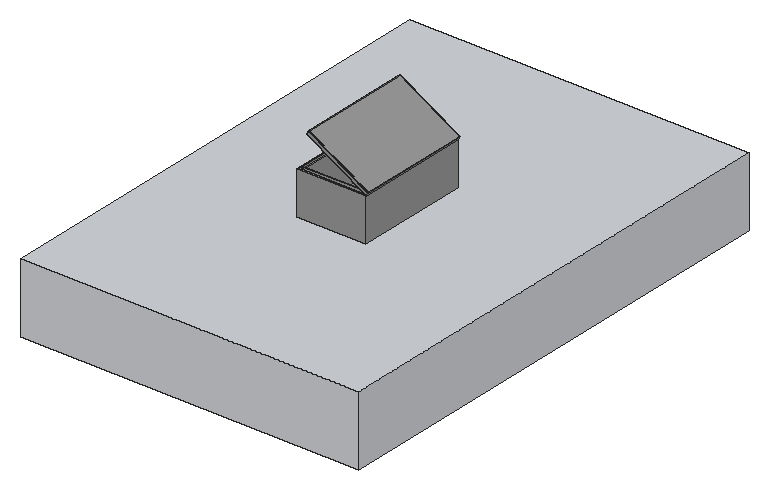
Revit family "Hager-Univers-IP44-D205-Cl.I-enclosure_metering-CH-fr", category Equipement électrique, Revit 2020
Family settings
  Hôte = Face
  Configuration du panneau = Deux colonnes, circuits au sein
  Cote de connecteur circulaire = Utiliser le diamètre
  Type d'élément = Tableau de raccordement
  Couper avec des vides une fois chargée = Non
  Partagée = Non
  Point de calcul de pièce = Non
Parameters (values of type "saillie IP44 L300 H500 P205  - ZB011T")
  Width Control [instance] = if([EF000008 - largeur] > Min Width, [EF000008 - largeur], Min Width)  # 300 mm
  Commentaires du type = [HG000003 - Gamme]  # "Univers"
  Thickness Door [instance] = if([EF009171 - épaisseur de matériau de la porte/du couvercle] > 3 mm, 3 mm, [EF009171 - épaisseur de matériau de la porte/du couvercle])  # 1 mm
  Seal Frame Offset [instance] = 17 mm  # constant formula
  Plinth Visibility [instance] = [HG000027 - Hauteur du socle] > 0 mm  # no
  Model = ""
  Min Width [instance] = 100 mm  # constant formula
  Min Height [instance] = 100 mm  # constant formula
  Min Depth [instance] = (2 * [EF009170 - épaisseur de matériau du boîtier]) + 1 mm  # 3 mm
  Internal Frame Depth [instance] = (Door System Depth * 0.5)  # 9 mm
  Height Control [instance] = if([EF000040 - hauteur] > Min Height, [EF000040 - hauteur], Min Height)  # 500 mm
  HG000027 - Hauteur du socle = 0 mm
  HG000026 - Installation au sol = no
  HG000024 - Hauteur de la section basse = 800 mm
  HG000023 - Armoire double section = no
  HG000016 - Visibilité de la porte 3D [instance] = yes
  HG000015 - Visibilité de l'emprise de la porte [instance] = no
  HG000014 - Porte à droite [instance] = yes
  HG000013 - Porte à gauche [instance] = not([HG000014 - Porte à droite])  # no
  HG000012 - Angle de pivotement de la porte [instance] = 30.00°
  HG000010 - Portes asymétriques = no
  HG000009 - Porte à double battant = no
  HG000006 - Encastré = no
  HG000004 - Référence fabricant = "ZB011T"
  HG000003 - Gamme = "Univers"
  HG000002 - avec porte = yes
  Frame Offset Bottom [instance] = 10 mm  # constant formula
  Frame Offset [instance] = 15 mm  # constant formula
  EF015940 - couvercle avec décharge de pression = no
  EF011959 - degré de protection (NEMA) = ""
  EF009554 - nombre d'ouvertures pour plaques à bride = 0
  Fabricant = "Hager"  # constant formula
  EF009212 - finition du couvercle = "EV000116 - fermé"
  EF009171 - épaisseur de matériau de la porte/du couvercle = 1 mm
  EF009170 - épaisseur de matériau du boîtier = 1 mm
  EF008873 - courant nominal (In) = 250 A
  EF007800 - adapté à un parafoudre = no
  EF006306 - avec serrure = no
  EF006244 - couvercle/porte transparent(e) = no
  EF005474 - indice de protection (IP) = "EV006418 - IP44"
  EF004464 - type de porte = "EV002646 - unique"
  EF004427 - nombre de modules = 48
  EF004293 - indice de protection contre les chocs (IK) = "EV006815 - IK09"
  EF003532 - convient pour utilisation à l’extérieur = no
  EF002950 - largeur en nombre de modules = 0
  EF001613 - maintien de fonction = "EV000494 - sans"
  EF001596 - matériau du boîtier/corps = "EV000179 - acier"
  EF001131 - profondeur intérieure = 0 mm
  EF001088 - possibilité de montage en saillie = yes
  EF000437 - nombre d'entrées de conduit = 0
  EF000339 - type de capot = "EV004216 - porte"
  EF000266 - nombre de rangées = 4
  EF000218 - profondeur d'encastrement = 0 mm
  EF000118 - avec cadre/support de montage = no
  EF000116 - numéro RAL = "9010"
  EF000049 - profondeur = 205 mm
  EF000040 - hauteur = 500 mm
  EF000008 - largeur = 300 mm
  EF000007 - couleur = "EV000202 - blanc"
  EF000003 - mode de pose = "EV000384 - saillie"
  Door System Leaf Tolerance [instance] = 1.5 mm  # constant formula
  Door System Depth [instance] = 18 mm  # constant formula
  Door Height [instance] = Height Control - [HG000027 - Hauteur du socle]  # 500 mm
  Depth Control [instance] = if([EF000049 - profondeur] > Min Depth, [EF000049 - profondeur], Min Depth)  # 205 mm
  Default Elevation = 0 mm
  Connector Offset [instance] = Height Control / 2  # 250 mm
  Bottom Top Plate Trim [instance] = 1.5 mm  # constant formula
  Plinth height Ctrl [instance] = if([HG000027 - Hauteur du socle] > 0 mm, [HG000027 - Hauteur du socle], 12 mm)  # 12 mm
Types (3, lengths in mm): name | Width Control | HG000004 - Référence fabricant | EF004464 - type de porte | EF004427 - nombre de modules | EF000266 - nombre de rangées | EF000008 - largeur
  saillie IP44 L1050 H500 P205  - ZB014T | 1050 | "ZB014T" | "EV003602 - double" | 144 | 0 | 1050
  saillie IP44 L1300 H500 P205  - ZB015T | 1300 | "ZB015T" | "EV003602 - double" | 180 | 0 | 1300
  saillie IP44 L300 H500 P205  - ZB011T | 300 | "ZB011T" | "EV002646 - unique" | 48 | 4 | 300
Reference planes
  plane 1 "Center (Front/Back)": y = 0
  plane 2: z = 0
  plane 3 "Center (Left/Right)": x = 0
  plane 4: z = 205
  plane 5: y = 1
  plane 6: y = 250
  plane 7: y = 0
  plane 8: y = 500
  plane 9: z = 0
  plane 10: x = -135
  plane 11: x = 135
  plane 12: x = 134
  plane 13: x = -134
  plane 14: y = 499
  plane 15: x = -133
  plane 16: x = -150
  plane 17: x = 133
  plane 18: x = 150
  plane 19: x = 149
  plane 20: x = -149
  plane 21: y = 11
  plane 22: y = 500
  plane 23: y = 484
  plane 24: z = 187
  plane 25: z = 1
  plane 26: z = 186
  plane 27: z = 204
Forms (mm)
  Extrusion 1, solid
    sketch origin (0, 0, 0) x (1, 0, 0) y (0, 1, 0)
      loop
        line (-702.964, 1305) -> (-702.964, -811.445) -> (766.763, -811.445) -> (766.763, 1305) -> (-702.964, 1305)
    from 0 to -304.8
  Extrusion 2, solid, material "Hager_Steel_RAL7035_Light_Grey", visible <- "Plinth Visibility", detail levels medium+fine
    sketch origin (0, 0, 0) x (1, 0, 0) y (0, 1, 0)
      loop
        line (-150, 0) -> (150, 0) -> (150, 12) -> (-150, 12) -> (-150, 0)
    from 0 to 187
  Extrusion 3, solid, material "Hager_Steel_RAL7035_Light_Grey", detail levels medium+fine
    sketch origin (0, 0, 0) x (1, 0, 0) y (0, 1, 0)
      loop
        line (-150, 0) -> (150, 0) -> (150, 500) -> (-150, 500) -> (-150, 0)
    from 0 to 187
  Extrusion 4, void
    sketch origin (0, 0, 0) x (1, 0, 0) y (0, 1, 0)
      loop
        line (-149, 1) -> (149, 1) -> (149, 499) -> (-149, 499) -> (-149, 1)
    from 1 to 186
  Extrusion 5, void
    sketch origin (-381.607, -4572, 187) x (0, -1, 0) y (-1, 0, 0)
      loop
        line (-4583, -247.607) -> (-5056, -247.607) -> (-5056, -515.607) -> (-4583, -515.607) -> (-4583, -247.607)
    from 0 to 1 <- "EF009170 - épaisseur de matériau du boîtier"
  Extrusion 6, solid, material "Hager_Steel_RAL7035_Light_Grey", detail levels fine
    sketch origin (0, 0, 187) x (1, 0, 0) y (0, 1, 0)
      loop
        line (-134, 484) -> (-134, 11) -> (134, 11) -> (134, 484) -> (-134, 484)
      loop
        line (-135, 10) -> (135, 10) -> (135, 485) -> (-135, 485) -> (-135, 10)
    from 0 to 9 <- "Internal Frame Depth"
  Extrusion 7, solid, material "Hager_Steel_RAL7035_Light_Grey", detail levels coarse
    sketch origin (0, 0, 0) x (1, 0, 0) y (0, 1, 0)
      loop
        line (-150, 0) -> (150, 0) -> (150, 500) -> (-150, 500) -> (-150, 0)
    from 0 to 205
  Sweep 8, void
    path in 3D
      loop
        line (-150, 12, 0) -> (150, 12, 0) -> (150, 12, 187) -> (-150, 12, 187) -> (-150, 12, 0)
    profile origin (-150, 12, 93.5) x (-1, 0, 0) y (0, -1, 0)
      loop
        line (0, 0) -> (0, 1.5) -> (-1.5, 1.5)
        arc (-1.5, 1.5) -> (-1.061, 0.439) -> (0, 0) r 1.5
Cuts and joins
  Extrusion 4, Extrusion 5 cuts Extrusion 3
  Sweep 8 cuts Extrusion 2
Lines and regions (mm)
  Masking region 1
    outline origin (0, 0, 0) x (1, 0, 0) y (0, 0, 1)
      loop
        line (-150, 205) -> (-150, 0) -> (150, 0) -> (150, 205) -> (-150, 205)
  Masking region 2, detail levels medium+fine
    outline origin (0, 140, 0) x (0, 1, 0) y (0, 0, 1)
      loop
        line (-140, 0) -> (360, 0) -> (360, 187) -> (-140, 187) -> (-140, 0)
  Masking region 3, not visible, detail levels medium+fine
    outline origin (0, 297.922, 0) x (0, 1, 0) y (0, 0, 1)
      loop
        line (-36.422, 0) -> (3.578, 0) -> (3.578, 194)
        arc (3.578, 194) -> (0.649, 201.071) -> (-6.422, 204) r 10
        line (-6.422, 204) -> (-36.422, 204) -> (-36.422, 0)
  Masking region 4, detail levels coarse
    outline origin (0, 0, 180) x (0, 1, 0) y (0, 0, 1)
      loop
        line (0, -180) -> (500, -180) -> (500, 25) -> (0, 25) -> (0, -180)
  Masking region 5, visible <- "Plinth Visibility", detail levels medium+fine
    outline origin (0, 52.24, 12.345) x (0, 0, -1) y (0, 1, 0)
      loop
        line (10.845, -40.24) -> (-173.155, -40.24)
        arc (-173.155, -40.24) -> (-173.594, -41.301) -> (-174.655, -41.74) r 1.5
        line (-174.655, -41.74) -> (-174.655, -52.24) -> (12.345, -52.24) -> (12.345, -41.74)
        arc (12.345, -41.74) -> (11.285, -41.301) -> (10.845, -40.24) r 1.5
  Masking region 6, detail levels medium+fine
    outline origin (-381.607, -4572, 187) x (-1, 0, 0) y (0, -1, 0)
      loop
        line (-231.607, -5072) -> (-231.607, -4572) -> (-531.607, -4572) -> (-531.607, -5072) -> (-231.607, -5072)
  Masking region 7, visible <- "Plinth Visibility", detail levels medium+fine
    outline origin (-381.607, -4727, 187) x (-1, 0, 0) y (0, -1, 0)
      loop
        arc (-233.107, -4739) -> (-232.668, -4737.939) -> (-231.607, -4737.5) r 1.5
        line (-231.607, -4737.5) -> (-231.607, -4727) -> (-531.607, -4727) -> (-531.607, -4737.5)
        arc (-531.607, -4737.5) -> (-530.546, -4737.939) -> (-530.107, -4739) r 1.5
        line (-530.107, -4739) -> (-233.107, -4739)
  Masking region 8, detail levels coarse
    outline origin (-442.548, -4669.526, 187) x (-1, 0, 0) y (0, -1, 0)
      loop
        line (-292.548, -5169.526) -> (-292.548, -4669.526) -> (-592.548, -4669.526) -> (-592.548, -5169.526) -> (-292.548, -5169.526)
  sketch lines
    curve 1: line (-150, 12, 187) -> (-150, 12, 0)
    curve 2: line (150, 12, 187) -> (-150, 12, 187)
    curve 3: line (150, 12, 187) -> (150, 12, 0)
    curve 4: line (-150, 12, 0) -> (150, 12, 0)
Dimensions and locks
  "Depth Control": plane 4 to Extrusion 1
  "HG000027 - Hauteur du socle": plane 1 "Center (Front/Back)" to plane 7
  "EF009170 - épaisseur de matériau du boîtier": plane 5 to plane 7
  locked: connector elem to plane 3 "Center (Left/Right)"
  equal spacing: plane 8, plane 6, plane 7
  locked: connector elem to plane 6
  "EF009170 - épaisseur de matériau du boîtier": plane 8 to plane 14
  "EF009170 - épaisseur de matériau du boîtier": plane 10 to plane 13
  "EF009170 - épaisseur de matériau du boîtier": plane 12 to plane 11
  "Frame Offset": plane 20 to plane 13
  "Frame Offset": plane 12 to plane 19
  "EF009170 - épaisseur de matériau du boîtier": plane 16 to plane 20
  "EF009170 - épaisseur de matériau du boîtier": plane 19 to plane 18
  "Seal Frame Offset": plane 16 to plane 15
  "Seal Frame Offset": plane 17 to plane 18
  "Frame Offset Bottom": plane 21 to plane 5
  "Frame Offset": plane 14 to plane 23
  equal spacing: plane 16, plane 3 "Center (Left/Right)", plane 18
  "Width Control": plane 16 to plane 18
  "EF009170 - épaisseur de matériau du boîtier": plane 4 to plane 27
  "EF009170 - épaisseur de matériau du boîtier": plane 24 to plane 26
  "EF009170 - épaisseur de matériau du boîtier": plane 25 to level
  "Door System Depth": plane 4 to plane 24
  "Height Control": plane 1 "Center (Front/Back)" to Extrusion 7 sketch curve
  "Height Control": Masking region 4 sketch curve to plane 1 "Center (Front/Back)"
  "Height Control": plane 1 "Center (Front/Back)" to plane 22
  "Bottom Top Plate Trim": profile plane to Sweep 8 sketch curve
  "Bottom Top Plate Trim": Sweep 8 sketch curve to profile plane
  "Plinth height Ctrl": plane 1 "Center (Front/Back)" to Extrusion 2 sketch curve
  "Plinth height Ctrl": Masking region 5 sketch curve to plane 1 "Center (Front/Back)"
  "Plinth height Ctrl": plane 1 "Center (Front/Back)" to Masking region 7 sketch curve
  "Thickness Door": Extrusion 6 sketch curve to Extrusion 6 sketch curve  (x3)
  "Thickness Door": cut or joined group of Extrusion 3, Extrusion 4, Extrusion 5 to Extrusion 6 sketch curve
  radius of Masking region 3 sketch curve = 10 mm
  "Bottom Top Plate Trim": radius of Masking region 5 sketch curve  (x2)
  "Bottom Top Plate Trim": radius of Sweep 8 sketch curve
  "Bottom Top Plate Trim": radius of Masking region 7 sketch curve  (x2)
  aligned and locked: plane 2 to Extrusion 1
  aligned and locked: level to Extrusion 1
  aligned and locked: level to Masking region 1 sketch curve
  aligned and locked: Masking region 1 sketch curve to plane 18
  aligned and locked: Masking region 1 sketch curve to plane 16
  aligned and locked: plane 7 to Masking region 2 sketch curve
  aligned and locked: level to Masking region 3 sketch curve
  aligned and locked: Masking region 3 sketch curve to plane 27
  aligned and locked: level to Masking region 2 sketch curve
  aligned and locked: plane 1 "Center (Front/Back)" to Extrusion 2 sketch curve
  aligned and locked: Extrusion 3 sketch curve to plane 7
  aligned and locked: plane 16 to Extrusion 3 sketch curve
  aligned and locked: plane 18 to Extrusion 3 sketch curve
  aligned and locked: plane 20 to Extrusion 4 sketch curve
  aligned and locked: plane 19 to Extrusion 4 sketch curve
  aligned and locked: Extrusion 4 sketch curve to plane 5
  aligned and locked: Extrusion 4 to plane 25
  aligned and locked: plane 26 to Extrusion 4
  aligned and locked: plane 24 to Extrusion 3
  aligned and locked: plane 21 to Extrusion 5 sketch curve
  aligned and locked: Extrusion 5 sketch curve to plane 13
  aligned and locked: Extrusion 5 sketch curve to plane 12
  aligned and locked: plane 18 to Extrusion 7 sketch curve
  aligned and locked: plane 1 "Center (Front/Back)" to Extrusion 7 sketch curve
  aligned and locked: plane 16 to Extrusion 7 sketch curve
  aligned and locked: plane 4 to Extrusion 7
  aligned and locked: Extrusion 7 to level
  aligned and locked: level to Masking region 4 sketch curve
  aligned and locked: Masking region 4 sketch curve to plane 1 "Center (Front/Back)"
  aligned and locked: Masking region 4 sketch curve to plane 4
  aligned and locked: nested 1 to level
  aligned and locked: nested 1 to plane 16
  aligned and locked: plane 8 to Extrusion 3 sketch curve
  aligned and locked: plane 23 to Extrusion 5 sketch curve
  aligned and locked: plane 14 to Extrusion 4 sketch curve
  aligned and locked: Masking region 2 sketch curve to plane 8
  aligned and locked: level to Masking region 5 sketch curve
  aligned and locked: plane 16 to Extrusion 2 sketch curve
  aligned and locked: plane 18 to Extrusion 2 sketch curve
  aligned and locked: Masking region 5 sketch curve to plane 24
  aligned and locked: Masking region 2 sketch curve to plane 24
  aligned and locked: plane 24 to Extrusion 2
  aligned and locked: profile plane to Sweep 8 sketch curve  (x2)
  aligned and locked: Masking region 6 sketch curve to plane 18
  aligned and locked: Masking region 6 sketch curve to plane 22
  aligned and locked: Masking region 6 sketch curve to plane 16
  aligned and locked: plane 8 to plane 22
  aligned and locked: plane 7 to Masking region 6 sketch curve
  aligned and locked: Masking region 7 sketch curve to plane 16
  aligned and locked: Masking region 7 sketch curve to plane 1 "Center (Front/Back)"
  aligned and locked: Masking region 7 sketch curve to plane 18
  aligned and locked: Masking region 8 sketch curve to plane 1 "Center (Front/Back)"
  aligned and locked: Masking region 8 sketch curve to plane 18
  aligned and locked: Masking region 8 sketch curve to plane 22
  aligned and locked: Masking region 8 sketch curve to plane 16
  aligned and locked: nested 2 to plane 7
  aligned and locked: plane 3 "Center (Left/Right)" to nested 2
  aligned and locked: plane 24 to nested 2
  aligned and locked: Extrusion 6 sketch curve to cut or joined group of Extrusion 3, Extrusion 4, Extrusion 5  (x4)
Automatic sketch dimensions
  Extrusion 1 sketch curve to Extrusion 1 sketch curve = 1469.727 mm
  Extrusion 1 sketch curve to Extrusion 1 sketch curve = 2116.445 mm
  Masking region 1 sketch curve to plane 4 = 0 mm
  plane 6 to Masking region 3 sketch curve = 11.5 mm
  Masking region 3 sketch curve to Masking region 3 sketch curve = 30 mm
  Masking region 5 sketch curve to plane 1 "Center (Front/Back)" = 0 mm
Nested families
  nested 1: "Hager_Enclosure_Symbol" at (-150, 0, 0) x (1, 0, 0) z (0, -1, 0), Height <- "Depth Control", Width <- "Width Control", type "Hager_Enclosure_Symbol"
    with Width_Ctrl 300 mm, Width 300 mm, Height_Ctrl 205 mm, Height 205 mm, A_Width_Int 13.453 mm, A_Width 161.438 mm, A_Height_Ctrl 179.375 mm, A_Height 179.375 mm
  nested 2: "EC000058_Univers_Door" at (0, 0, 187) x (1, 0, 0) z (0, 1, 0), Leaf_Tolerance <- "Door System Leaf Tolerance", Angle <- "HG000012 - Angle de pivotement de la porte", Door_Depth <- "Door System Depth", Door_Left <- "HG000013 - Porte à gauche", Transparent <- "EF006244 - couvercle/porte transparent(e)", Assymetrical <- "HG000010 - Portes asymétriques", Width <- "Width Control", Clearance <- "HG000015 - Visibilité de l'emprise de la porte", Double <- "HG000009 - Porte à double battant", 3d_Door <- "HG000016 - Visibilité de la porte 3D", Lock_Visibility <- "EF006306 - avec serrure", Width_Ctrl <- "Width Control", Door_Right <- "HG000014 - Porte à droite", Door <- "HG000002 - avec porte", Height <- "Door Height", Thickness <- "Thickness Door", type "EC000058_Univers_Door", detail levels medium+fine
    with min_wh 3 mm, Width_Ctrl 300 mm, Width 300 mm, Transparent no, Thickness 1 mm, Seal_Material Hager_Rubber, Lock_Visibility no, Lock_Material Hager_Plastic_RAL9005_Jet_Black, Leaf_Width 300 mm, Leaf_Tolerance_External_Sides 0 mm, Leaf_Tolerance 1.5 mm, Leaf_Offset 0 mm, Leaf_Height 497 mm, Leaf_2_Width 300 mm, Leaf_2_Offset 150 mm, Leaf_1_Width 300 mm, Leaf_1_Offset 150 mm, Height_Ctrl 500 mm, Height 500 mm, Glass_Material Hager_Glass, Double_Clearance_Ctrl no, Double no, Door_Right_Ctrl yes, Door_Right yes, Door_Material Hager_Steel_RAL7035_Light_Grey, Door_Left_Ctrl no, Door_Left no, Door_Depth 18 mm, Door yes, Clearance_Material Hager_Clearance, Clearance_Depth 300 mm, Clearance_Ctrl no, Clearance no, Assymetrical no, Angle 30.00°, 3d_Door yes
Connectors
  electrical at (0, 250, 0)
    settings: on plane 9, index 1, voltage 0 V, apparent load 0 VA, apparent load phase1 0 VA, apparent load phase2 0 VA, apparent load phase3 0 VA, power factor 1, load classification "Other", number of poles 1, system type 30, power factor state 1, is connector primary yes, connector utility no, sub classification motor no, connector description ""
Definition of nested family "EC000058_Univers_Door"
  Parameters (values of type "EC000058_Univers_Door")
    min_wh [instance] = (2 * Thickness) + 1 mm  # 11 mm
    Width_Ctrl [instance] = 400 mm
    Width [instance] = 500 mm
    Transparent [instance] = yes
    Thickness [instance] = 5 mm
    Seal_Material [instance] = none
    Lock_Visibility [instance] = yes
    Lock_Material [instance] = none
    Leaf_Width [instance] = if((Width_Ctrl - 2 * Leaf_Tolerance_External_Sides) > 0 mm, (Width_Ctrl - 2 * Leaf_Tolerance_External_Sides), min_wh)  # 400 mm
    Leaf_Tolerance_External_Sides [instance] = 0 mm  # constant formula
    Leaf_Tolerance [instance] = 1.5 mm
    Leaf_Offset [instance] = 0 mm  # constant formula
    Leaf_Height [instance] = if((Height_Ctrl - 2 * Leaf_Tolerance) > 0 mm, (Height_Ctrl - 2 * Leaf_Tolerance), min_wh)  # 497 mm
    Leaf_2_Width [instance] = if(and(and(Double, Assymetrical), Door_Left), (Leaf_Width / 3) - (Leaf_Tolerance / 2), if(and(and(Double, Assymetrical), Door_Right), (Leaf_Width / 3) * 2 - (Leaf_Tolerance / 2), if(and(Double, not(Assymetrical)), (Leaf_Width / 2) - Leaf_Tolerance, Leaf_Width)))  # 400 mm
    Leaf_2_Offset [instance] = if(and(Double, Assymetrical), Leaf_2_Width / 2, if(and(Double, not(Assymetrical)), Leaf_Width / 4, Leaf_Width / 2))  # 200 mm
    Leaf_1_Width [instance] = if(and(and(Double, Assymetrical), Door_Right), (Leaf_Width / 3) - (Leaf_Tolerance / 2), if(and(and(Double, Assymetrical), Door_Left), (Width / 3) * 2 - (Leaf_Tolerance / 2), if(and(Double, not(Assymetrical)), (Leaf_Width / 2) - Leaf_Tolerance, Leaf_Width)))  # 400 mm
    Leaf_1_Offset [instance] = if(and(Double, Assymetrical), Leaf_1_Width / 2, if(and(Double, not(Assymetrical)), Leaf_Width / 4, Leaf_Width / 2))  # 200 mm
    Height_Ctrl [instance] = if(Height > min_wh, Height, min_wh)  # 500 mm
    Height [instance] = 500 mm
    Glass_Material [instance] = none
    Double_Clearance_Ctrl [instance] = and(Double, Clearance)  # no
    Double [instance] = no
    Door_Right_Ctrl [instance] = and(or(Door_Right, Double), Door)  # yes
    Door_Right [instance] = yes
    Door_Material [instance] = none
    Door_Left_Ctrl [instance] = and(or(Door_Left, Double), Door)  # no
    Door_Left [instance] = no
    Door_Depth [instance] = 30 mm
    Door [instance] = yes
    Default Elevation = 1219.2 mm
    Clearance_Material [instance] = none
    Clearance_Depth [instance] = if(Leaf_1_Width > Leaf_2_Width, Leaf_1_Width, Leaf_2_Width)  # 400 mm
    Clearance_Ctrl [instance] = and(not(Double), Clearance)  # yes
    Clearance [instance] = yes
    Assymetrical [instance] = yes
    Angle [instance] = 30.00°
    3d_Door [instance] = yes
  Reference planes
    plane 1 "Center (Front/Back)": y = 0
    plane 2 "Bottom": z = 0
    plane 3 "Center (Left/Right)": x = 0
    plane 4: z = 500
    plane 5: x = -200
    plane 6: x = 200
    plane 7: z = 500
    plane 8: x = -200
    plane 9: z = 0
    plane 10: x = 200
    plane 11: y = 0
    plane 12: z = 1.5
    plane 13: x = -600
    plane 14: y = -400
    plane 15: x = 600
    plane 16: x = 0
    plane 17: x = 0
    plane 18: x = -200
    plane 19: x = 200
    plane 20: z = 498.5
  Forms (mm)
    Extrusion 1, solid, material <- "Clearance_Material", visible <- "Double_Clearance_Ctrl"
      sketch origin (1200, 0, 0) x (1, 0, 0) y (0, 0, -1)
        loop
          line (-1800, -498.5) -> (-600, -498.5) -> (-600, 0) -> (-1800, 0) -> (-1800, -498.5)
      from 0 to -400
  Dimensions and locks
    equal spacing: plane 5, plane 3 "Center (Left/Right)", plane 6
    "Width_Ctrl": plane 5 to plane 6
    "Leaf_Offset": plane 5 to plane 8
    "Leaf_Offset": plane 6 to plane 10
    "Leaf_Offset": plane 9 to level
    "Leaf_Offset": plane 4 to plane 7
    "Height_Ctrl": plane 4 to level
    "Leaf_Tolerance": plane 12 to plane 9
    locked: plane 11 to plane 1 "Center (Front/Back)"
    "Leaf_1_Offset": plane 18 to plane 16
    "Leaf_2_Offset": plane 17 to plane 19
    "Leaf_1_Width": plane 13 to plane 8
    "Leaf_2_Width": plane 10 to plane 15
    "Clearance_Depth": plane 14 to plane 1 "Center (Front/Back)"
    "Leaf_Tolerance_External_Sides": plane 8 to plane 18
    "Leaf_Tolerance_External_Sides": plane 19 to plane 10
    "Leaf_Tolerance": plane 7 to plane 20
    aligned and locked: level to plane 2 "Bottom"
    aligned and locked: nested 1 to plane 16
    aligned and locked: nested 2 to plane 17
    aligned and locked: Extrusion 1 to plane 13
    aligned and locked: plane 15 to Extrusion 1
    aligned and locked: Extrusion 1 to plane 14
    aligned and locked: plane 12 to nested 1
    aligned and locked: nested 2 to plane 12
    aligned and locked: Extrusion 1 to plane 11
    aligned and locked: plane 20 to Extrusion 1
    aligned and locked: nested 2 to plane 11
    aligned and locked: nested 1 to plane 11
  Automatic sketch dimensions
    Extrusion 1 sketch curve to level = 0 mm
    plane 5 to Extrusion 1 sketch curve = 400 mm
    plane 6 to Extrusion 1 sketch curve = 400 mm
    Extrusion 1 sketch curve to plane 4 = 1.5 mm
  Nested families
    nested 1: "EC000058_Univers_Door_Leaf" at (0, 0, 1.5), Width <- "Leaf_1_Width", visible <- "Door_Left_Ctrl", Leaf_Height <- "Leaf_Height", Angle <- "Angle", 3d_Door <- "3d_Door", Transparent <- "Transparent", Clearance Material <- "Clearance_Material", Clearance <- "Clearance_Ctrl", Door_Material <- "Door_Material", Glass_Material <- "Glass_Material", Door_Depth <- "Door_Depth", Lock_Material <- "Lock_Material", Seal_Material <- "Seal_Material", Lock_Visibility <- "Lock_Visibility", Thickness <- "Thickness", type "EC000058_Univers_Door_Leaf"
      with Width 400 mm, Transparent_Glass_Offset 30 mm, Transparent_Ctrl yes, Transparent yes, Thickness 5 mm, Standard no, Seal_Material none, Seal_D2 8 mm, Seal_D1 1 mm, Offset_Internal_Frame 10 mm, Lock_Width 20 mm, Lock_Visibility_3d yes, Lock_Visibility yes, Lock_Thickness_3 3 mm, Lock_Thickness_2 1 mm, Lock_Thickness_1 3 mm, Lock_Radius_Offset_2 16 mm, Lock_Radius_Offset_1 15 mm, Lock_Radius_2 5 mm, Lock_Radius 6 mm, Lock_Offset 5 mm, Lock_Material none, Lock_Height 80 mm, Lock_Cover_Top_Offset_2d 17 mm, Lock_Cover_Height -65 mm, Leaf_Height 497 mm, Internal_Seal_Thickness 8 mm, Internal_Seal_Depth_2 4.5 mm, Internal_Frame_Depth 25 mm, Glass_Thickness -1 mm, Glass_Offset -2 mm, Glass_Material none, Door_Material none, Door_Depth 30 mm, Clearance Material none, Clearance yes, Angle_Ctrl 30.00°, Angle 30.00°, 3d_Door yes
    nested 2: "EC000058_Univers_Door_Leaf" at (0, 0, 1.5) x (-1, 0, 0) z (0, 0, 1), Width <- "Leaf_2_Width", visible <- "Door_Right_Ctrl", Leaf_Height <- "Leaf_Height", Angle <- "Angle", 3d_Door <- "3d_Door", Transparent <- "Transparent", Clearance Material <- "Clearance_Material", Clearance <- "Clearance_Ctrl", Door_Material <- "Door_Material", Glass_Material <- "Glass_Material", Door_Depth <- "Door_Depth", Lock_Material <- "Lock_Material", Seal_Material <- "Seal_Material", Lock_Visibility <- "Lock_Visibility", Thickness <- "Thickness", type "EC000058_Univers_Door_Leaf"
      with Width 400 mm, Transparent_Glass_Offset 30 mm, Transparent_Ctrl yes, Transparent yes, Thickness 5 mm, Standard no, Seal_Material none, Seal_D2 8 mm, Seal_D1 1 mm, Offset_Internal_Frame 10 mm, Lock_Width 20 mm, Lock_Visibility_3d yes, Lock_Visibility yes, Lock_Thickness_3 3 mm, Lock_Thickness_2 1 mm, Lock_Thickness_1 3 mm, Lock_Radius_Offset_2 16 mm, Lock_Radius_Offset_1 15 mm, Lock_Radius_2 5 mm, Lock_Radius 6 mm, Lock_Offset 5 mm, Lock_Material none, Lock_Height 80 mm, Lock_Cover_Top_Offset_2d 17 mm, Lock_Cover_Height -65 mm, Leaf_Height 497 mm, Internal_Seal_Thickness 8 mm, Internal_Seal_Depth_2 4.5 mm, Internal_Frame_Depth 25 mm, Glass_Thickness -1 mm, Glass_Offset -2 mm, Glass_Material none, Door_Material none, Door_Depth 30 mm, Clearance Material none, Clearance yes, Angle_Ctrl 30.00°, Angle 30.00°, 3d_Door yes
  Definition of nested family "EC000058_Univers_Door_Leaf"
    Parameters (values of type "EC000058_Univers_Door_Leaf")
      Width [instance] = 2000 mm
      Transparent_Glass_Offset [instance] = 30 mm
      Transparent_Ctrl [instance] = and(Transparent, [3d_Door])  # yes
      Transparent [instance] = yes
      Thickness [instance] = 5 mm
      Standard [instance] = and(not(Transparent), [3d_Door])  # no
      Seal_Material [instance] = none
      Seal_D2 [instance] = 8 mm  # constant formula
      Seal_D1 [instance] = 1 mm  # constant formula
      Offset_Internal_Frame [instance] = 10 mm  # constant formula
      Lock_Width [instance] = 20 mm  # constant formula
      Lock_Visibility_3d [instance] = and(Lock_Visibility, [3d_Door])  # yes
      Lock_Visibility [instance] = yes
      Lock_Thickness_3 [instance] = 3 mm  # constant formula
      Lock_Thickness_2 [instance] = 1 mm  # constant formula
      Lock_Thickness_1 [instance] = 3 mm  # constant formula
      Lock_Radius_Offset_2 [instance] = Lock_Radius_Offset_1 + 1 mm  # 16 mm
      Lock_Radius_Offset_1 [instance] = 15 mm  # constant formula
      Lock_Radius_2 [instance] = Lock_Radius - 1 mm  # 5 mm
      Lock_Radius [instance] = 6 mm  # constant formula
      Lock_Offset [instance] = 5 mm  # constant formula
      Lock_Material [instance] = none
      Lock_Height [instance] = 80 mm  # constant formula
      Lock_Cover_Top_Offset_2d [instance] = Lock_Radius_Offset_2 + 1 mm  # 17 mm
      Lock_Cover_Height [instance] = -(Lock_Height - Lock_Radius_Offset_1)  # -65 mm
      Leaf_Height [instance] = 2720.336 mm
      Internal_Seal_Thickness [instance] = 8 mm  # constant formula
      Internal_Seal_Depth_2 [instance] = 4.5 mm  # constant formula
      Internal_Frame_Depth [instance] = if(Door_Depth - Thickness > 5 mm, Door_Depth - Thickness, 5 mm)  # 25 mm
      Glass_Thickness [instance] = if(Thickness > 15 mm, Glass_Offset + 10 mm, -1 mm)  # -1 mm
      Glass_Offset [instance] = if(Thickness > 15 mm, -(Thickness + 10 mm) / 2, -2 mm)  # -2 mm
      Glass_Material [instance] = none
      Door_Material [instance] = none
      Door_Depth [instance] = 30 mm
      Default Elevation = 0 mm
      Clearance Material [instance] = none
      Clearance [instance] = yes
      Angle_Ctrl [instance] = if(Angle > 180.00°, 180.00°, Angle)  # 90.00°
      Angle [instance] = 90.00°
      3d_Door [instance] = yes
    Reference planes
      plane 1 "Center (Front/Back)": y = 0
      plane 2: z = 0
      plane 3 "Center (Left/Right)": x = 0
      plane 4: y = 2000
      plane 5: x = -1000
      plane 6: x = 1000
      plane 7: x = -3000
      plane 8: z = 2720.336
      plane 9: z = 30
      plane 10: z = 2690.336
      plane 11: x = 970
      plane 12: x = -970
      plane 13: y = -3
      plane 14: z = 107.833
      plane 15: y = -5
      plane 16: y = -223.314
      plane 17: x = -1000
      plane 18: z = 1360.168
      plane 19: y = 30
    Forms (mm)
      Extrusion 1, solid, material <- "Clearance Material", visible <- "Clearance"
        sketch origin (0, 0, 0) x (1, 0, 0) y (0, 0, 1)
          loop
            line (-3000, 2720.336) -> (-3000, 0) -> (1000, 0) -> (1000, 2720.336) -> (-3000, 2720.336)
        from 0 to -2000
      Extrusion 2, solid, material <- "Door_Material", visible <- "Standard", detail levels medium+fine
        sketch origin (-1000, 0, 0) x (0, 1, 0) y (-1, 0, 0)
          loop
            line (0, 30) -> (0, 25) -> (2000, 25) -> (2000, 30) -> (0, 30)
        from 0 to 2720.336 <- "Leaf_Height"
      Extrusion 3, solid, material <- "Door_Material", visible <- "Transparent_Ctrl", detail levels medium+fine
        sketch origin (-1000, 0, 0) x (0, 1, 0) y (-1, 0, 0)
          loop
            line (0, 25) -> (2000, 25) -> (2000, 30) -> (0, 30) -> (0, 25)
        from 0 to 2720.336 <- "Leaf_Height"
      Extrusion 4, void
        sketch origin (-1025, 2000, 0) x (0, 1, 0) y (0, 0, -1)
          loop
            line (-30, -2690.336) -> (-30, -30) -> (-1970, -30) -> (-1970, -2690.336) -> (-30, -2690.336)
        from 0 to 5 <- "Thickness"
      Sweep 5, solid, material <- "Seal_Material", visible <- "Transparent_Ctrl", detail levels fine
        path in 3D
          loop
            line (-1025, 30, 30) -> (-1025, 30, 2690.336) -> (-1025, 1970, 2690.336) -> (-1025, 1970, 30) -> (-1025, 30, 30)
        profile origin (-1025, 1000, 30) x (1, 0, 0) y (0, 0, 1)
          loop
            line (0, 0) -> (0, -8) -> (1, -8) -> (1, 0) -> (0, 0)
      Extrusion 6, solid, material <- "Glass_Material", visible <- "Transparent_Ctrl", detail levels medium+fine
        sketch origin (-1030, 0, 0) x (0, 1, 0) y (0, 0, -1)
          loop
            line (1970, -2690.336) -> (1970, -30) -> (30, -30) -> (30, -2690.336) -> (1970, -2690.336)
        from -2 <- "Glass_Offset" to -1 <- "Glass_Thickness"
      Extrusion 7, solid, material <- "Door_Material", visible <- "3d_Door", detail levels medium+fine
        sketch origin (-1025, 2000, 0) x (0, -1, 0) y (0, 0, -1)
          loop
            line (0, -2720.336) -> (2000, -2720.336) -> (2000, 0) -> (0, 0) -> (0, -2720.336)
          loop
            line (1995, -5) -> (5, -5) -> (5, -2715.336) -> (1995, -2715.336) -> (1995, -5)
        from 0 to 25 <- "Internal_Frame_Depth"
      Sweep 8, solid, material <- "Seal_Material", visible <- "Transparent_Ctrl", detail levels fine
        path in 3D
          loop
            line (-1025, 0, 0) -> (-1025, 2000, 0) -> (-1025, 2000, 2720.336) -> (-1025, 0, 2720.336) -> (-1025, 0, 0)
        profile origin (-1025, 0, 1360.168) x (1, 0, 0) y (0, 1, 0)
          loop
            line (0, 10) -> (2.975, 10)
            arc (2.975, 10) -> (4.053, 10.447) -> (4.5, 11.525) r 1.525
            line (4.5, 11.525) -> (4.5, 16.527)
            arc (4.5, 16.527) -> (4.069, 17.569) -> (3.027, 18) r 1.473
            line (3.027, 18) -> (0, 18) -> (0, 10)
      Extrusion 9, solid, material <- "Lock_Material", visible <- "Lock_Visibility_3d", detail levels fine
        sketch origin (-1030, 0, 0) x (0, 1, 0) y (0, 0, -1)
          loop
            arc (1993.5, -1400.168) -> (1994.561, -1399.729) -> (1995, -1398.668) r 1.5
            line (1995, -1398.668) -> (1995, -1320.168) -> (1975, -1320.168) -> (1975, -1398.668)
            arc (1975, -1398.668) -> (1975.439, -1399.729) -> (1976.5, -1400.168) r 1.5
            line (1976.5, -1400.168) -> (1993.5, -1400.168)
        from 3 <- "Lock_Thickness_1" to 0
      Blend 10, solid, material <- "Lock_Material", visible <- "Lock_Visibility_3d", detail levels fine
        base sketch origin (-1033, 0, 0) x (0, 1, 0) y (0, 0, -1)
          loop
            line (1975, -1320.168) -> (1975, -1398.668)
            arc (1975, -1398.668) -> (1975.439, -1399.729) -> (1976.5, -1400.168) r 1.5
            line (1976.5, -1400.168) -> (1993.5, -1400.168)
            arc (1993.5, -1400.168) -> (1994.561, -1399.729) -> (1995, -1398.668) r 1.5
            line (1995, -1398.668) -> (1995, -1320.168) -> (1975, -1320.168)
        top sketch origin (-1033, 0, 0) x (0, 1, 0) y (0, 0, -1)
          loop
            line (1976, -1320.168) -> (1976, -1398.668)
            arc (1976, -1398.668) -> (1976.146, -1399.022) -> (1976.5, -1399.168) r 0.5
            line (1976.5, -1399.168) -> (1993.5, -1399.168)
            arc (1993.5, -1399.168) -> (1993.854, -1399.022) -> (1994, -1398.668) r 0.5
            line (1994, -1398.668) -> (1994, -1320.168) -> (1976, -1320.168)
        from 0 to 1 <- "Lock_Thickness_2"
      Blend 11, solid, material <- "Lock_Material", visible <- "Lock_Visibility_3d", detail levels fine
        base sketch origin (-1034, 0, 0) x (0, 1, 0) y (0, 0, -1)
          loop
            line (1978, -1320.168) -> (1978, -1384.168)
            arc (1978, -1384.168) -> (1985, -1391.168) -> (1992, -1384.168) r 7
            line (1992, -1384.168) -> (1992, -1320.168) -> (1978, -1320.168)
        top sketch origin (-1034, 0, 0) x (0, 1, 0) y (0, 0, -1)
          loop
            line (1991, -1320.168) -> (1979, -1320.168) -> (1979, -1383.168)
            arc (1979, -1383.168) -> (1985, -1389.168) -> (1991, -1383.168) r 6
            line (1991, -1383.168) -> (1991, -1320.168)
        from 0 to 3 <- "Lock_Thickness_3"
      Extrusion 12, solid, material <- "Lock_Material", visible <- "Lock_Visibility_3d", detail levels fine
        sketch origin (-1030, 1975, 1320.168) x (1, 0, 0) y (0, -1, 0)
          loop
            line (-7, -19) -> (-7, -1) -> (0, -1) -> (0, 0) -> (-8, 0) -> (-8, -20) -> (0, -20) -> (0, -19) -> (-7, -19)
        from 0 to -65 <- "Lock_Cover_Height"
      Extrusion 13, void
        sketch origin (-1038, 1995, 1320.168) x (-1, 0, 0) y (0, 0, -1)
          loop
            line (-5, -65) -> (0, -65) -> (-5, -60) -> (-5, -65)
        from 0 to 20 <- "Lock_Width"
      Extrusion 14, void
        sketch origin (-1038, 1975, 1320.168) x (0, -1, 0) y (0, 0, -1)
          loop
            circle (-10, -15.995) r 6
          loop
            circle (-10, -15.995) r 5
        from 0 to 2
      Extrusion 15, solid, material <- "Lock_Material", visible <- "Lock_Visibility_3d", detail levels medium
        sketch origin (-1030, 0, 0) x (0, 1, 0) y (0, 0, -1)
          loop
            arc (1993.5, -1400.168) -> (1994.561, -1399.729) -> (1995, -1398.668) r 1.5
            line (1995, -1398.668) -> (1995, -1320.168) -> (1975, -1320.168) -> (1975, -1398.668)
            arc (1975, -1398.668) -> (1975.439, -1399.729) -> (1976.5, -1400.168) r 1.5
            line (1976.5, -1400.168) -> (1993.5, -1400.168)
        from 8 to 0
    Cuts and joins
      Extrusion 4 cuts Extrusion 3
      Extrusion 13, Extrusion 14 cuts Extrusion 9
      Extrusion 14 cuts Blend 11
      Extrusion 13, Extrusion 14 cuts Extrusion 12
      joined: Extrusion 9, Blend 10, Blend 11, Extrusion 12
      Extrusion 14 cuts Extrusion 15
    Lines and regions (mm)
      Masking region 1, visible <- "Lock_Visibility", detail levels fine
        outline origin (0, 0, 0) x (0, 1, 0) y (0, 0, 1)
          loop
            line (30, 1320.168) -> (33, 1320.168) -> (33, 1400.168) -> (30, 1400.168) -> (30, 1320.168)
      Masking region 2, visible <- "Lock_Visibility", detail levels fine
        outline origin (0, 3.143, 0) x (0, 1, 0) y (0, 0, 1)
          loop
            line (29.857, 1354.168) -> (30.857, 1354.168) -> (30.857, 1366.168) -> (29.857, 1366.168) -> (29.857, 1354.168)
      Masking region 3, detail levels medium+fine
        outline origin (0, 0, 0) x (0, 1, 0) y (0, 0, 1)
          loop
            line (0, 0) -> (30, 0) -> (30, 2720.336) -> (0, 2720.336) -> (0, 0)
      Masking region 4, detail levels medium+fine
        outline origin (0, 0, 0) x (1, 0, 0) y (0, 0, 1)
          loop
            line (-1000, 2720.336) -> (-1000, 0) -> (1000, 0) -> (1000, 2720.336) -> (-1000, 2720.336)
      Masking region 5, visible <- "Lock_Visibility", detail levels fine
        outline origin (-47.116, 0, 0) x (1, 0, 0) y (0, 0, 1)
          loop
            arc (1024.616, 1399.168) -> (1023.556, 1398.729) -> (1023.116, 1397.668) r 1.5
            line (1023.116, 1397.668) -> (1023.116, 1320.168) -> (1041.116, 1320.168) -> (1041.116, 1397.668)
            arc (1041.116, 1397.668) -> (1040.677, 1398.729) -> (1039.616, 1399.168) r 1.5
            line (1039.616, 1399.168) -> (1024.616, 1399.168)
      Masking region 6, visible <- "Lock_Visibility", detail levels medium+fine
        outline origin (-25, 0, 0) x (1, 0, 0) y (0, 0, 1)
          loop
            arc (1001.5, 1400.168) -> (1000.439, 1399.729) -> (1000, 1398.668) r 1.5
            line (1000, 1398.668) -> (1000, 1320.168) -> (1020, 1320.168) -> (1020, 1398.668)
            arc (1020, 1398.668) -> (1019.561, 1399.729) -> (1018.5, 1400.168) r 1.5
            line (1018.5, 1400.168) -> (1001.5, 1400.168)
      Masking region 7, visible <- "Lock_Visibility", detail levels fine
        outline origin (-73.735, 0, 0) x (1, 0, 0) y (0, 0, 1)
          loop
            line (1051.735, 1382.168) -> (1065.735, 1382.168) -> (1065.735, 1384.168)
            arc (1065.735, 1384.168) -> (1058.735, 1391.168) -> (1051.735, 1384.168) r 7
            line (1051.735, 1384.168) -> (1051.735, 1382.168)
      Masking region 8, visible <- "Lock_Visibility", detail levels fine
        outline origin (-73.735, 0, 0) x (1, 0, 0) y (0, 0, 1)
          loop
            line (1052.735, 1382.168) -> (1064.735, 1382.168) -> (1064.735, 1383.168)
            arc (1064.735, 1383.168) -> (1058.735, 1389.168) -> (1052.735, 1383.168) r 6
            line (1052.735, 1383.168) -> (1052.735, 1382.168)
      Masking region 9, visible <- "Lock_Visibility", detail levels fine
        outline origin (-25, 0, 0) x (1, 0, 0) y (0, 0, 1)
          loop
            line (1020, 1320.168) -> (1020, 1382.168) -> (1000, 1382.168) -> (1000, 1320.168) -> (1020, 1320.168)
      Masking region 10, detail levels medium+fine
        outline origin (0, 0, 0) x (1, 0, 0) y (0, 0, 1)
          loop
            circle (985, 1335.144) r 6
      Masking region 11, detail levels fine
        outline origin (0, 0, 0) x (1, 0, 0) y (0, 0, 1)
          loop
            circle (985, 1335.144) r 5
      Masking region 12, visible <- "Lock_Visibility", detail levels fine
        outline origin (0, 12.767, 0) x (0, 1, 0) y (0, 0, 1)
          loop
            line (20.233, 1320.168) -> (21.233, 1320.168) -> (21.233, 1399.168) -> (20.233, 1400.168) -> (20.233, 1320.168)
      Masking region 13, visible <- "Lock_Visibility", detail levels fine
        outline origin (0, 13.767, -10) x (0, 1, 0) y (0, 0, 1)
          loop
            line (20.233, 1330.168) -> (23.233, 1330.168) -> (23.233, 1399.168) -> (20.233, 1402.168) -> (20.233, 1330.168)
      Masking region 14, visible <- "Lock_Visibility", detail levels fine
        outline origin (0, 12.767, -10) x (0, 1, 0) y (0, 0, 1)
          loop
            line (20.233, 1330.168) -> (25.233, 1330.168) -> (25.233, 1399.305) -> (20.233, 1394.305) -> (20.233, 1330.168)
      Masking region 15, visible <- "Lock_Visibility", detail levels medium
        outline origin (0, 0, 0) x (0, 1, 0) y (0, 0, 1)
          loop
            line (30, 1320.168) -> (38, 1320.168) -> (38, 1400.168) -> (30, 1400.168) -> (30, 1320.168)
      Masking region 16, visible <- "Lock_Visibility", detail levels fine
        outline origin (-1000, 0, 0) x (0, 1, 0) y (-1, 0, 0)
          loop
            line (1975, 30) -> (1995, 30) -> (1995, 38) -> (1975, 38) -> (1975, 30)
          loop
            line (1979, 37) -> (1976, 37) -> (1976, 34) -> (1978, 34) -> (1979, 37)
          loop
            line (1994, 37) -> (1991, 37) -> (1992, 34) -> (1994, 34) -> (1994, 37)
      Masking region 17, visible <- "Lock_Visibility", detail levels medium
        outline origin (-1000, 0, 0) x (0, 1, 0) y (-1, 0, 0)
          loop
            line (1975, 30) -> (1995, 30) -> (1995, 38) -> (1975, 38) -> (1975, 30)
      symbolic lines
        curve 1: line (1000, 0, 0) -> (-3000, 0, 0)
        curve 2: arc (1000, 0, 0) -> (-1000, 2000, 0) -> (-3000, 0, 0) r 2000
        curve 4: line (-1030, 0, 0) -> (-1030, 2000, 0)
      reference lines
        curve 3: line (-1000, 0, 0) -> (-1000, 2000, 0)
      symbolic lines, detail levels medium+fine
        curve 5: line (-1030, 2000, 0) -> (-1025, 2000, 0)
        curve 7: line (-1025, 0, 0) -> (-1030, 0, 0)
        curve 8: line (-1025, 0, 0) -> (-1000, 0, 0)
        curve 9: line (-1000, 0, 0) -> (-1000, 2000, 0)
        curve 10: line (-1000, 2000, 0) -> (-1025, 2000, 0)
      symbolic lines, detail levels fine
        curve 6: line (-1025, 2000, 0) -> (-1025, 0, 0)
      sketch lines
        curve 11: line (-1025, 0, 2720.336) -> (-1025, 0, 0)
        curve 12: line (-1025, 2000, 0) -> (-1025, 0, 0)
        curve 13: line (-1025, 2000, 2720.336) -> (-1025, 2000, 0)
        curve 14: line (-1025, 0, 2720.336) -> (-1025, 2000, 2720.336)
        curve 15: line (-1025, 1970, 30) -> (-1025, 30, 30)
        curve 16: line (-1025, 30, 30) -> (-1025, 30, 2690.336)
        curve 17: line (-1025, 1970, 2690.336) -> (-1025, 1970, 30)
        curve 18: line (-1025, 30, 2690.336) -> (-1025, 1970, 2690.336)
      symbolic lines, visible <- "Transparent", detail levels medium+fine
        curve 19: line (-970, 0, 2690.336) -> (970, 0, 2690.336)
        curve 20: line (-970, 0, 30) -> (-970, 0, 2690.336)
        curve 21: line (970, 0, 30) -> (-970, 0, 30)
        curve 22: line (970, 0, 2690.336) -> (970, 0, 30)
    Dimensions and locks
      "Width": plane 1 "Center (Front/Back)" to plane 4
      equal spacing: plane 5, plane 3 "Center (Left/Right)", plane 6
      "Width": plane 5 to plane 6
      "Width": plane 7 to plane 5
      "Leaf_Height": plane 8 to level
      "Width": curve 5 to curve 3
      "Width": curve 3 to curve 3
      plane 8 to plane 10 = 30 mm
      plane 9 to level = 30 mm
      plane 12 to plane 5 = 30 mm
      plane 6 to plane 11 = 30 mm
      Extrusion 1 to Extrusion 4 sketch curve = 30 mm
      "Transparent_Glass_Offset": curve 3 to Extrusion 4 sketch curve
      "Transparent_Glass_Offset": Extrusion 4 sketch curve to cut or joined group of Extrusion 3, Extrusion 4  (x2)
      cut or joined group of Extrusion 3, Extrusion 4 to Extrusion 6 sketch curve = 30 mm
      "Transparent_Glass_Offset": cut or joined group of Extrusion 3, Extrusion 4 to Extrusion 4 sketch curve
      "Thickness": curve 6 to curve 4
      "Thickness": Extrusion 7 sketch curve to Extrusion 7 sketch curve  (x4)
      "Door_Depth": curve 4 to curve 3
      "Offset_Internal_Frame": profile plane to Sweep 8 sketch curve
      "Internal_Seal_Thickness": Sweep 8 sketch curve to Sweep 8 sketch curve
      "Internal_Seal_Depth_2": profile plane to Sweep 8 sketch curve
      "Seal_D1": profile plane to Sweep 5 sketch curve
      "Seal_D2": profile plane to Sweep 5 sketch curve
      "Thickness": Extrusion 2 sketch curve to Extrusion 2 sketch curve
      equal spacing: Extrusion 9 sketch curve, plane 18, Extrusion 9 sketch curve  (x2)
      equal spacing: Masking region 1 sketch curve, plane 18, Masking region 1 sketch curve
      "Lock_Height": Masking region 1 sketch curve to Masking region 1 sketch curve
      "Lock_Radius": Masking region 2 sketch curve to plane 18 to Masking region 2 sketch curve
      Masking region 2 sketch curve to Masking region 1 = 1 mm
      "Door_Depth": plane 19 to plane 1 "Center (Front/Back)"
      "Lock_Thickness_1": Masking region 1 sketch curve to plane 19
      "Lock_Width": Extrusion 9 sketch curve to Extrusion 9 sketch curve
      "Lock_Height": Extrusion 9 sketch curve to Extrusion 9 sketch curve
      "Lock_Offset": cut or joined group of Extrusion 3, Extrusion 4 to Extrusion 9 sketch curve
      equal spacing: plane 8, plane 18, level
      "Lock_Radius_Offset_1": Blend 11 sketch curve to Blend 10
      locked: Blend 10 to Blend 11 sketch curve at 2  (x2)
      locked: var sketch to Blend 11 sketch curve at 1  (x2)
      "Lock_Radius_Offset_2": Blend 11 sketch curve to Blend 10
      locked: Extrusion 12 sketch curve to Extrusion 12 sketch curve at 1  (x3)
      Masking region 6 sketch curve to Masking region 6 sketch curve = 80 mm
      "Lock_Height": Masking region 6 sketch curve to Masking region 6 sketch curve
      "Lock_Width": Masking region 6 sketch curve to Masking region 6 sketch curve
      locked: Masking region 6 to Masking region 5 sketch curve at 1  (x3)
      locked: Masking region 5 to Masking region 7 sketch curve at 2  (x2)
      "Lock_Radius_Offset_1": Masking region 5 to Masking region 7 sketch curve
      "Lock_Radius_Offset_2": Masking region 5 to Masking region 8 sketch curve
      locked: Masking region 7 to Masking region 8 sketch curve at 1  (x2)
      "Lock_Cover_Top_Offset_2d": Masking region 5 to Masking region 9 sketch curve
      equal spacing: Masking region 9, Masking region 10 sketch curve, Masking region 9
      equal spacing: Masking region 9, Masking region 11 sketch curve, Masking region 9
      Extrusion 15 sketch curve to Extrusion 15 sketch curve = 80 mm
      "Lock_Width": Extrusion 15 sketch curve to Extrusion 15 sketch curve
      "Lock_Height": Extrusion 15 sketch curve to Extrusion 15 sketch curve
      equal spacing: Extrusion 15 sketch curve, plane 18, Extrusion 15 sketch curve
      "Lock_Thickness_3": Masking region 13 sketch curve to Masking region 13 sketch curve
      "Lock_Height": Masking region 12 sketch curve to Masking region 12 sketch curve
      locked: Masking region 13 sketch curve to Masking region 1 at 8
      locked: Masking region 14 sketch curve to Masking region 13 at 1
      locked: Masking region 14 sketch curve to Masking region 1 at 10.863
      "Lock_Height": Masking region 15 sketch curve to Masking region 15 sketch curve
      "Lock_Offset": Extrusion 15 sketch curve to cut or joined group of Extrusion 3, Extrusion 4
      "Lock_Offset": plane 6 to Masking region 6 sketch curve
      radius of Sweep 8 sketch curve = 1.525 mm
      radius of Sweep 8 sketch curve = 1.473 mm
      radius of Extrusion 9 sketch curve = 1.5 mm  (x2)
      "Lock_Radius": radius of Extrusion 14 sketch curve
      "Lock_Radius_2": radius of Extrusion 14 sketch curve
      "Lock_Radius": radius of Masking region 10 sketch curve
      "Lock_Radius_2": radius of Masking region 11 sketch curve
      radius of Extrusion 15 sketch curve = 1.5 mm  (x2)
      "Angle_Ctrl": angle plane 1 "Center (Front/Back)" to curve 3
      locked: Masking region 12 sketch curve to Masking region 12 sketch curve (angle 45.00°)
      locked: Masking region 13 sketch curve to Masking region 13 sketch curve (angle 45.00°)
      locked: Masking region 14 sketch curve to Masking region 14 sketch curve (angle 45.00°)
      aligned and locked: level to plane 2
      aligned and locked: Extrusion 1 to curve 1
      aligned and locked: plane 6 to Extrusion 1
      aligned and locked: Extrusion 1 to plane 1 "Center (Front/Back)"
      aligned and locked: plane 4 to Extrusion 1
      aligned and locked: plane 8 to Extrusion 1
      aligned and locked: curve 7 to Extrusion 2 sketch curve
      aligned and locked: curve 5 to Extrusion 2 sketch curve
      aligned and locked: curve 7 to Extrusion 3 sketch curve
      aligned and locked: Extrusion 3 sketch curve to curve 4
      aligned and locked: Extrusion 3 sketch curve to curve 6
      aligned and locked: Extrusion 3 sketch curve to curve 5
      aligned and locked: curve 9 to curve 3
      aligned and locked: Extrusion 7 sketch curve to cut or joined group of Extrusion 3, Extrusion 4  (x4)
      aligned and locked: plane 17 to curve 3
      aligned and locked: plane 1 "Center (Front/Back)" to curve 3
      aligned and locked: plane 17 to plane 5
      aligned and locked: Sweep 8 sketch curve to profile plane
      aligned and locked: Sweep 5 sketch curve to profile plane  (x2)
      aligned and locked: Masking region 1 to Masking region 2 sketch curve
      aligned and locked: plane 19 to Masking region 1 sketch curve
      aligned and locked: plane 1 "Center (Front/Back)" to Masking region 3 sketch curve
      aligned and locked: plane 19 to Masking region 3 sketch curve
      aligned and locked: level to Masking region 3 sketch curve
      aligned and locked: Masking region 3 sketch curve to plane 8
      aligned and locked: plane 17 to Masking region 4 sketch curve
      aligned and locked: level to Masking region 4 sketch curve
      aligned and locked: Masking region 4 sketch curve to plane 8
      aligned and locked: plane 12 to curve 20
      aligned and locked: plane 10 to curve 19
      aligned and locked: plane 11 to curve 22
      aligned and locked: curve 21 to plane 9
      aligned and locked: Extrusion 2 sketch curve to cut or joined group of Extrusion 3, Extrusion 4
      aligned and locked: Blend 10 sketch curve to Extrusion 9  (x4)
      aligned and locked: Extrusion 9 to Blend 10 sketch curve
      aligned and locked: Blend 10 to Blend 11 sketch curve
      aligned and locked: Extrusion 12 sketch curve to Blend 11
      aligned and locked: Extrusion 12 sketch curve to Extrusion 9  (x4)
      aligned and locked: Masking region 5 sketch curve to Masking region 6
      aligned and locked: Masking region 9 sketch curve to Masking region 6  (x3)
      aligned and locked: Masking region 12 sketch curve to Masking region 1
      aligned and locked: Masking region 13 sketch curve to Masking region 1
      aligned and locked: Masking region 12 to Masking region 14
      aligned and locked: Masking region 14 sketch curve to Masking region 1
      aligned and locked: Masking region 15 sketch curve to Masking region 14
      aligned and locked: Masking region 13 sketch curve to Masking region 12
      aligned and locked: Masking region 16 sketch curve to cut or joined group of Extrusion 14, Extrusion 15  (x4)
      aligned and locked: Masking region 16 sketch curve to cut or joined group of Extrusion 9, Blend 10, Blend 11, Extrusion 12, Extrusion 13, Extrusion 14  (x6)
      aligned and locked: cut or joined group of Extrusion 9, Blend 10, Blend 11, Extrusion 12, Extrusion 13, Extrusion 14 to Masking region 16 sketch curve
      aligned and locked: Masking region 17 sketch curve to cut or joined group of Extrusion 14, Extrusion 15  (x3)
      aligned and locked: Masking region 17 sketch curve to cut or joined group of Extrusion 9, Blend 10, Blend 11, Extrusion 12, Extrusion 13, Extrusion 14
      aligned and locked: Masking region 9 to Masking region 8 sketch curve
      aligned and locked: Masking region 9 to Masking region 7 sketch curve
    Automatic sketch dimensions
      plane 1 "Center (Front/Back)" to curve 2 = 0 mm
      curve 2 to plane 5 = 0 mm
      Extrusion 1 sketch curve to level = 0 mm
      Extrusion 1 sketch curve to plane 7 = 0 mm
      Extrusion 1 sketch curve to plane 6 = 0 mm
      Extrusion 1 sketch curve to plane 8 = 0 mm
      Extrusion 3 to Extrusion 6 sketch curve = 30 mm  (x4)
      Masking region 4 sketch curve to plane 6 = 0 mm
      Blend 10 sketch curve to Extrusion 9 = 1.5 mm
      Blend 10 sketch curve to Extrusion 9 = 1 mm
      Extrusion 13 sketch curve to Extrusion 12 = 0 mm  (x2)
      Extrusion 12 to Extrusion 13 sketch curve = 3 mm
      Extrusion 13 sketch curve to Extrusion 12 = 5 mm
      Extrusion 14 sketch curve to Extrusion 14 sketch curve = 0 mm  (x2)
      Extrusion 14 sketch curve to Extrusion 12 = 10 mm
      Extrusion 14 sketch curve to Extrusion 12 = 15.995 mm
      Masking region 5 sketch curve to Masking region 5 sketch curve = 1.5 mm  (x2)
      Masking region 10 sketch curve to plane 18 = 25.024 mm
      Masking region 11 sketch curve to plane 18 = 25.024 mm
      plane 19 to Masking region 14 sketch curve = 3 mm
      Masking region 16 sketch curve to Masking region 16 sketch curve = 3 mm
      curve 4 to curve 3 = 0 mm
      Blend 10 to Blend 11 sketch curve = 0 mm
      Masking region 6 sketch curve to Masking region 6 sketch curve = 1.5 mm  (x2)
      Masking region 6 sketch curve to plane 18 = 40 mm
      plane 19 to Masking region 12 sketch curve = 3 mm
      Masking region 12 sketch curve to Masking region 12 sketch curve = 1 mm
      Masking region 15 sketch curve to plane 19 = 0 mm
      Masking region 15 sketch curve to plane 18 = 40 mm
      radius of Blend 10 sketch curve to Extrusion 9 = 1 mm
Definition of nested family "Hager_Enclosure_Symbol"
  Parameters (values of type "Hager_Enclosure_Symbol")
    Width_Ctrl [instance] = if(Width > 1 mm, Width, 1 mm)  # 102.27 mm
    Width [instance] = 102.27 mm
    Height_Ctrl [instance] = if(Height > 1 mm, Height, 1 mm)  # 66.5 mm
    A_Width_Int [instance] = if(A_Width / 12 > 2 mm, A_Width / 12, 2 mm)  # 4.364 mm
    A_Width [instance] = if(A_Height_Ctrl * 0.9 > 2 mm, A_Height_Ctrl * 0.9, 2 mm)  # 52.369 mm
    A_Height_Ctrl [instance] = if(A_Height > 2 mm, A_Height, 2 mm)  # 58.188 mm
    Height [instance] = 66.5 mm
    A_Height [instance] = Height - (Height / 8)  # 58.188 mm
  Reference planes
    plane 1 "Centre (avant/arrière)": y = 0
    plane 2: z = 0
    plane 3 "Centre (gauche/droite)": x = 0
    plane 4: x = 52.369
    plane 5: y = 33.042
    plane 6: y = 41.77
    plane 7: y = 66.5
    plane 8: x = 26.184
    plane 9: y = 37.406
    plane 10: x = 102.27
    plane 11: y = 66.5
    plane 12: y = 8.313
  Lines and regions (mm)
    Filled region 1, type "Solid_Black", in view "Niveau de réf."
      outline origin (0, 0, 0) x (1, 0, 0) y (0, 1, 0)
        loop
          line (52.369, 66.5) -> (33.188, 54.536) -> (45.365, 45.006) -> (52.369, 66.5)
    Filled region 2, type "Solid_Black", in view "Niveau de réf."
      outline origin (0, 0, 0) x (1, 0, 0) y (0, 1, 0)
        loop
          line (0, 0) -> (102.27, 0) -> (102.27, 66.5) -> (0, 0)
    detail lines, in view "Niveau de réf."
      curve 1: line (0, 8.313, 0) -> (26.184, 41.77, 0)
      curve 2: line (26.184, 41.77, 0) -> (26.184, 33.042, 0)
      curve 3: line (26.184, 33.042, 0) -> (52.369, 66.5, 0)
  Dimensions and locks
    "A_Width": plane 3 "Centre (gauche/droite)" to plane 4
    equal spacing: plane 3 "Centre (gauche/droite)", plane 8, plane 4
    equal spacing: plane 6, plane 9, plane 5
    equal spacing: curve 3, Filled region 1 sketch curve, Filled region 1 sketch curve
    "Height_Ctrl": plane 1 "Centre (avant/arrière)" to plane 11
    "A_Height_Ctrl": plane 11 to plane 12
    equal spacing: plane 11, plane 9, plane 12
    "A_Width_Int": plane 6 to plane 9
    "Width_Ctrl": plane 3 "Centre (gauche/droite)" to plane 10
    angle Filled region 1 sketch curve to curve 3 = 20.00°
    angle curve 3 to Filled region 1 sketch curve = 20.00°
    locked: curve 3 to Filled region 1 sketch curve (angle 90.00°)
    aligned and locked: plane 10 to Filled region 2
    aligned and locked: plane 11 to Filled region 2 sketch curve
    aligned and locked: plane 10 to Filled region 2 sketch curve
    aligned and locked: plane 3 "Centre (gauche/droite)" to curve 1
    aligned and locked: plane 12 to curve 1
    aligned and locked: plane 7 to plane 11
  Automatic sketch dimensions
    Filled region 1 sketch curve to plane 4 = 0 mm
    Filled region 1 sketch curve to plane 7 = 0 mm
    plane 1 "Centre (avant/arrière)" to Filled region 2 sketch curve = 0 mm
    Filled region 2 sketch curve to plane 3 "Centre (gauche/droite)" = 0 mm
    curve 2 to plane 6 = 0 mm
    curve 2 to plane 8 = 0 mm
    curve 3 to plane 4 = 0 mm
    curve 2 to plane 5 = 0 mm
    curve 3 to plane 7 = 0 mm
